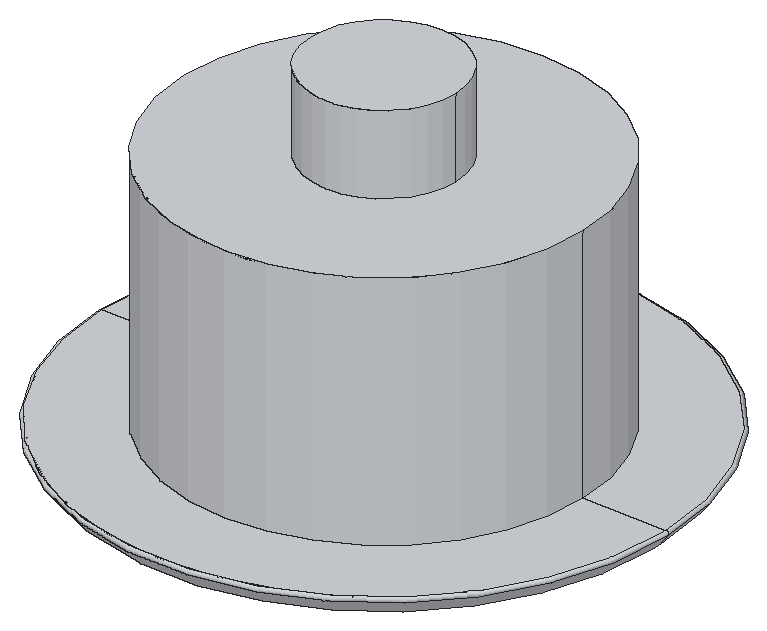
Revit family
Parameters (values of type "RASCO RFC49 CONCEALED")
  Temperature Rating = 165 °F
  Response = 1
  RASCO SIN # = "RA0616"
  RASCO Part # = "1816172697 & 6887141308"
  Pressure Rating = "175 PSI"
  Pressure Class = (empty or 0)
  Orifice Size = 7/16"
  Orifice = (empty or 0)
  Model = "RFC49 Concealed Pendent"
  Manufacturer = "RASCO"
  K-Factor = 4.9
  Diameter = 5 5/128"
  Description = "WHITE FINISH"
  Coverage = (empty or 0)
Reference planes (in)
  plane 1 "Center (Front/Back)": y = 0
  plane 2: z = 0
  plane 3 "Center (Left/Right)": x = 0
Nested families (in)
  nested 1: "RASCO- RFC49" at (0, -0.00705, 0), type "RASCO GFC CONCEALED"
Connectors (in)
  piping at (0, -0.00705, 2.026), driven by "Orifice Size"
    settings: on nested 1, index 1, connector radius 7/16", flow factor 0, pipe flow 0 GPM, pressure drop 0.00 psi, fitting loss kfactor 0, connector angle 0.00°, fixture units 0, flow configuration 0, flow direction 0, fitting loss method 0, system type 7, connector reference index -1, connector utility 0, adjustable connector no, is connector primary yes, fitting loss table "", connector description ""
Definition of nested family "RASCO- RFC49"
  Parameters (values of type "RASCO GFC CONCEALED")
    Type Comments = ""
    Temperature Rating = 0 °F
    Response = (empty or 0)
    Pressure Rating = "0"
    Pressure Class = (empty or 0)
    Orifice Size = 0"
    Orifice = (empty or 0)
    Model = ""
    Manufacturer = ""
    K-Factor = 0
    Coverage = (empty or 0)
    Assembly Code = ""
  Reference planes (in)
    plane 1 "Center (Front/Back)": y = 0
    plane 2: z = 0
    plane 3 "Center (Left/Right)": x = 0
    plane 4 "ref.2": z = 0.181
    plane 5 "ref.3": z = 2.151
  Forms (in)
    Extrusion 1, solid
      sketch origin (0, 0, 0.181) x (-1, 0, 0) y (0, -1, 0)
        loop
          circle (0, 0) r 1.156
      from 0 to 1.388
    Extrusion 2, solid
      sketch origin (0, 0, 1.26779) x (-1, 0, 0) y (0, -1, 0)
        loop
          circle (0, 0) r 0.42
      from 0.30121 to 0.75821
    Revolve 3, solid
      sketch origin (0, 0, 0) x (1, 0, 0) y (0, 0, 1)
        loop
          line (0, 0.181) -> (-1.6354, 0.181)
          arc (-1.6354, 0.181) -> (-1.64866, 0.17328) -> (-1.64851, 0.15794) r 0.01525
          arc (-1.64851, 0.15794) -> (-1.53047, 0.04225) -> (-1.37067, 0) r 0.32334
          line (-1.37067, 0) -> (0, 0) -> (0, 0.181)
        axis (0, 0.181) -> (0, 0)
      angle from 0 to 360
